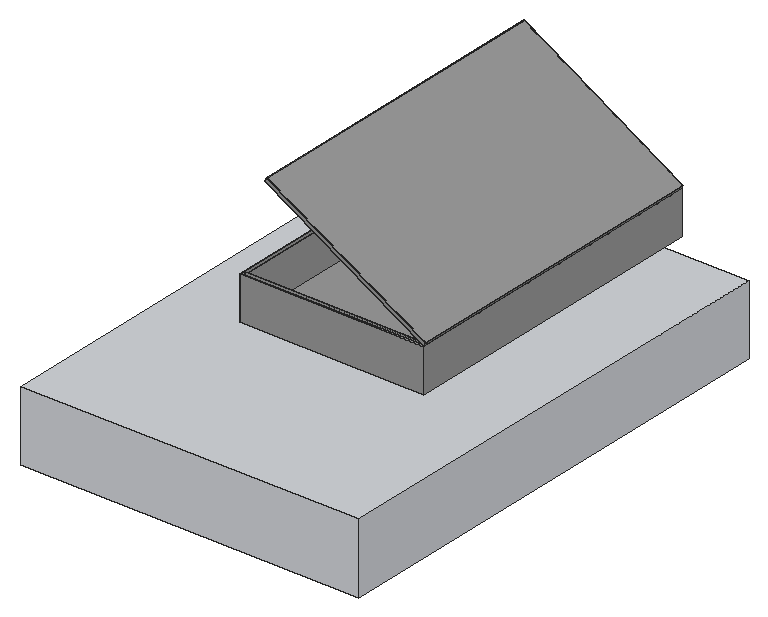
Revit family "Hager-Univers-IP44-D205-H1400-Cl.II-Encl-PL-pl", category Equipement électrique, Revit 2020
Family settings
  Hôte = Face
  Configuration du panneau = Deux colonnes, circuits au sein
  Cote de connecteur circulaire = Utiliser le diamètre
  Type d'élément = Tableau de raccordement
  Couper avec des vides une fois chargée = Non
  Partagée = Non
  Point de calcul de pièce = Non
Parameters (values of type "Montaż natynkowy IP44 S800 W1400 G205  - FP93SN2")
  Width Control [instance] = if([EF000008 - Szerokość] > Min Width, [EF000008 - Szerokość], Min Width)  # 800 mm
  Commentaires du type = [HG000003 - Zakres]  # "Univers"
  Thickness Door [instance] = if([EF009171 - Drzwi/pokrywa z materiału o wysokiej wytrzymałości mechanicznej] > 3 mm, 3 mm, [EF009171 - Drzwi/pokrywa z materiału o wysokiej wytrzymałości mechanicznej])  # 1 mm
  Seal Frame Offset [instance] = 17 mm  # constant formula
  Plinth Visibility [instance] = [HG000027 - Wysokość cokołu] > 0 mm  # no
  Model = ""
  Min Width [instance] = 100 mm  # constant formula
  Min Height [instance] = 100 mm  # constant formula
  Min Depth [instance] = (2 * [EF009170 - Obudowa z materiału o wysokiej wytrzymałości mechanicznej]) + 1 mm  # 3 mm
  Internal Frame Depth [instance] = (Door System Depth * 0.5)  # 9 mm
  Height Control [instance] = if([EF000040 - Wysokość] > Min Height, [EF000040 - Wysokość], Min Height)  # 1400 mm
  HG000027 - Wysokość cokołu = 0 mm
  HG000026 - Stojąca = no
  HG000024 - Wysokość części dolnej = 800 mm
  HG000023 - Obudowa dwusekcyjna = no
  HG000016 - Widoczność drzwi w widoku 3D [instance] = yes
  HG000015 - Przestrzeń robocza - otwarcie drzwi [instance] = no
  HG000014 - Drzwi prawe [instance] = yes
  HG000013 - Drzwi lewe [instance] = not([HG000014 - Drzwi prawe])  # no
  HG000012 - Kąt otwarcia drzwi [instance] = 30.00°
  HG000010 - Drzwi asymetryczne = no
  HG000009 - Drzwi dwuskrzydłowe = no
  HG000006 - Montaż podtynkowy = no
  HG000004 - Referencja producenta = "FP93SN2"
  HG000003 - Zakres = "Univers"
  HG000002 - Z drzwiami lub pokrywą = yes
  Frame Offset Bottom [instance] = 10 mm  # constant formula
  Frame Offset [instance] = 15 mm  # constant formula
  EF015940 - Pokrywa z wyzwalaczem nadciśnieniowym = no
  EF011959 - Stopień ochrony (NEMA) = ""
  EF009554 - Liczba otworów pod flansze = 6
  Fabricant = "Hager"  # constant formula
  EF009212 - Wykonanie pokrywy = "EV000116 - Zamknięty"
  EF009171 - Drzwi/pokrywa z materiału o wysokiej wytrzymałości mechanicznej = 1 mm
  EF009170 - Obudowa z materiału o wysokiej wytrzymałości mechanicznej = 1 mm
  EF008873 - Prąd znamionowy (In) = 250 A
  EF007800 - Do ochrony odgromowej = no
  EF006306 - Z zamkiem = no
  EF006244 - Transparentna pokrywa/drzwi = no
  EF005474 - Stopień ochrony (IP) = "EV006418 - IP44"
  EF004464 - Rodzaj drzwi = "EV002646 - Pojedynczy"
  EF004427 - Liczba modułów = 324
  EF004293 - Odporność udarowa = "EV006815 - IK09"
  EF003532 - Do zastosowań zewnętrznych = no
  EF002950 - Szerokość wyrażona liczbą modułów = 36
  EF001613 - Podtrzymanie funkcji = "EV000494 - Brak"
  EF001596 - Materiał obudowy = "EV000179 - Stal"
  EF001131 - Głębokość wewnętrzna = 143 mm
  EF001088 - Możliwość rozbudowy = yes
  EF000437 - Liczba wejść kablowych = 6
  EF000339 - Rodzaj pokrywy = "EV001012 - Pokrywa"
  EF000266 - Liczba rzędów = 9
  EF000218 - Głębokość wbudowania = 205 mm
  EF000118 - Z płytą montażową = no
  EF000116 - Numer RAL = "9010"
  EF000049 - Głębokość = 205 mm
  EF000040 - Wysokość = 1400 mm
  EF000008 - Szerokość = 800 mm
  EF000007 - Kolor = "EV000202 - Biały"
  EF000003 - Sposób montażu = "EV000384 - Montaż natynkowy"
  Door System Leaf Tolerance [instance] = 1.5 mm  # constant formula
  Door System Depth [instance] = 18 mm  # constant formula
  Door Height [instance] = Height Control - [HG000027 - Wysokość cokołu]  # 1400 mm
  Depth Control [instance] = if([EF000049 - Głębokość] > Min Depth, [EF000049 - Głębokość], Min Depth)  # 205 mm
  Default Elevation = 0 mm
  Connector Offset [instance] = Height Control / 2  # 700 mm
  Bottom Top Plate Trim [instance] = 1.5 mm  # constant formula
  Plinth height Ctrl [instance] = if([HG000027 - Wysokość cokołu] > 0 mm, [HG000027 - Wysokość cokołu], 12 mm)  # 12 mm
Types (5, lengths in mm): name | Width Control | HG000010 - Drzwi asymetryczne | HG000009 - Drzwi dwuskrzydłowe | HG000004 - Referencja producenta | EF009554 - Liczba otworów pod flansze | EF004464 - Rodzaj drzwi | EF004427 - Liczba modułów | EF002950 - Szerokość wyrażona liczbą modułów | EF001131 - Głębokość wewnętrzna | EF000437 - Liczba wejść kablowych | EF000339 - Rodzaj pokrywy | EF000008 - Szerokość
  Montaż natynkowy IP44 S1050 W1400 G205  - FP94SN2 | 1050 | no | yes | "FP94SN2" | 8 | "EV003602 - Podwójny" | 432 | 48 | 143 | 8 | "EV001012 - Pokrywa" | 1050
  Montaż natynkowy IP44 S1300 W1400 G205  - FP95SN2 | 1300 | yes | yes | "FP95SN2" | 10 | "EV003602 - Podwójny" | 540 | 60 | 130 | 10 | "EV004216 - Drzwi" | 1300
  Montaż natynkowy IP44 S300 W1400 G205  - FP91SN2 | 300 | no | no | "FP91SN2" | 2 | "EV002646 - Pojedynczy" | 108 | 12 | 143 | 2 | "EV001012 - Pokrywa" | 300
  Montaż natynkowy IP44 S550 W1400 G205  - FP92SN2 | 550 | no | no | "FP92SN2" | 4 | "EV002646 - Pojedynczy" | 216 | 24 | 143 | 4 | "EV001012 - Pokrywa" | 550
  Montaż natynkowy IP44 S800 W1400 G205  - FP93SN2 | 800 | no | no | "FP93SN2" | 6 | "EV002646 - Pojedynczy" | 324 | 36 | 143 | 6 | "EV001012 - Pokrywa" | 800
Reference planes
  plane 1 "Center (Front/Back)": y = 0
  plane 2: z = 0
  plane 3 "Center (Left/Right)": x = 0
  plane 4: z = 205
  plane 5: y = 1
  plane 6: y = 700
  plane 7: y = 0
  plane 8: y = 1400
  plane 9: z = 0
  plane 10: x = -385
  plane 11: x = 385
  plane 12: x = 384
  plane 13: x = -384
  plane 14: y = 1399
  plane 15: x = -383
  plane 16: x = -400
  plane 17: x = 383
  plane 18: x = 400
  plane 19: x = 399
  plane 20: x = -399
  plane 21: y = 11
  plane 22: y = 1400
  plane 23: y = 1384
  plane 24: z = 187
  plane 25: z = 1
  plane 26: z = 186
  plane 27: z = 204
Forms (mm)
  Extrusion 1, solid
    sketch origin (0, 0, 0) x (1, 0, 0) y (0, 1, 0)
      loop
        line (-702.964, 1305) -> (-702.964, -811.445) -> (766.763, -811.445) -> (766.763, 1305) -> (-702.964, 1305)
    from 0 to -304.8
  Extrusion 2, solid, material "Hager_Steel_RAL7035_Light_Grey", visible <- "Plinth Visibility", detail levels medium+fine
    sketch origin (0, 0, 0) x (1, 0, 0) y (0, 1, 0)
      loop
        line (-400, 0) -> (400, 0) -> (400, 12) -> (-400, 12) -> (-400, 0)
    from 0 to 187
  Extrusion 3, solid, material "Hager_Steel_RAL7035_Light_Grey", detail levels medium+fine
    sketch origin (0, 0, 0) x (1, 0, 0) y (0, 1, 0)
      loop
        line (-400, 0) -> (400, 0) -> (400, 1400) -> (-400, 1400) -> (-400, 0)
    from 0 to 187
  Extrusion 4, void
    sketch origin (0, 0, 0) x (1, 0, 0) y (0, 1, 0)
      loop
        line (-399, 1) -> (399, 1) -> (399, 1399) -> (-399, 1399) -> (-399, 1)
    from 1 to 186
  Extrusion 5, void
    sketch origin (-381.607, -4572, 187) x (0, -1, 0) y (-1, 0, 0)
      loop
        line (-4583, 2.393) -> (-5956, 2.393) -> (-5956, -765.607) -> (-4583, -765.607) -> (-4583, 2.393)
    from 0 to 1 <- "EF009170 - Obudowa z materiału o wysokiej wytrzymałości mechanicznej"
  Extrusion 6, solid, material "Hager_Steel_RAL7035_Light_Grey", detail levels fine
    sketch origin (0, 0, 187) x (1, 0, 0) y (0, 1, 0)
      loop
        line (-384, 1384) -> (-384, 11) -> (384, 11) -> (384, 1384) -> (-384, 1384)
      loop
        line (-385, 10) -> (385, 10) -> (385, 1385) -> (-385, 1385) -> (-385, 10)
    from 0 to 9 <- "Internal Frame Depth"
  Extrusion 7, solid, material "Hager_Steel_RAL7035_Light_Grey", detail levels coarse
    sketch origin (0, 0, 0) x (1, 0, 0) y (0, 1, 0)
      loop
        line (-400, 0) -> (400, 0) -> (400, 1400) -> (-400, 1400) -> (-400, 0)
    from 0 to 205
  Sweep 8, void
    path in 3D
      loop
        line (-400, 12, 0) -> (400, 12, 0) -> (400, 12, 187) -> (-400, 12, 187) -> (-400, 12, 0)
    profile origin (-400, 12, 93.5) x (-1, 0, 0) y (0, -1, 0)
      loop
        line (0, 0) -> (0, 1.5) -> (-1.5, 1.5)
        arc (-1.5, 1.5) -> (-1.061, 0.439) -> (0, 0) r 1.5
Cuts and joins
  Extrusion 4, Extrusion 5 cuts Extrusion 3
  Sweep 8 cuts Extrusion 2
Lines and regions (mm)
  Masking region 1
    outline origin (0, 0, 0) x (1, 0, 0) y (0, 0, 1)
      loop
        line (-400, 205) -> (-400, 0) -> (400, 0) -> (400, 205) -> (-400, 205)
  Masking region 2, detail levels medium+fine
    outline origin (0, 140, 0) x (0, 1, 0) y (0, 0, 1)
      loop
        line (-140, 0) -> (1260, 0) -> (1260, 187) -> (-140, 187) -> (-140, 0)
  Masking region 3, not visible, detail levels medium+fine
    outline origin (0, 297.922, 0) x (0, 1, 0) y (0, 0, 1)
      loop
        line (413.578, 0) -> (453.578, 0) -> (453.578, 194)
        arc (453.578, 194) -> (450.649, 201.071) -> (443.578, 204) r 10
        line (443.578, 204) -> (413.578, 204) -> (413.578, 0)
  Masking region 4, detail levels coarse
    outline origin (0, 0, 180) x (0, 1, 0) y (0, 0, 1)
      loop
        line (0, -180) -> (1400, -180) -> (1400, 25) -> (0, 25) -> (0, -180)
  Masking region 5, visible <- "Plinth Visibility", detail levels medium+fine
    outline origin (0, 52.24, 12.345) x (0, 0, -1) y (0, 1, 0)
      loop
        line (10.845, -40.24) -> (-173.155, -40.24)
        arc (-173.155, -40.24) -> (-173.594, -41.301) -> (-174.655, -41.74) r 1.5
        line (-174.655, -41.74) -> (-174.655, -52.24) -> (12.345, -52.24) -> (12.345, -41.74)
        arc (12.345, -41.74) -> (11.285, -41.301) -> (10.845, -40.24) r 1.5
  Masking region 6, detail levels medium+fine
    outline origin (-381.607, -4572, 187) x (-1, 0, 0) y (0, -1, 0)
      loop
        line (18.393, -5972) -> (18.393, -4572) -> (-781.607, -4572) -> (-781.607, -5972) -> (18.393, -5972)
  Masking region 7, visible <- "Plinth Visibility", detail levels medium+fine
    outline origin (-381.607, -4727, 187) x (-1, 0, 0) y (0, -1, 0)
      loop
        arc (16.893, -4739) -> (17.332, -4737.939) -> (18.393, -4737.5) r 1.5
        line (18.393, -4737.5) -> (18.393, -4727) -> (-781.607, -4727) -> (-781.607, -4737.5)
        arc (-781.607, -4737.5) -> (-780.546, -4737.939) -> (-780.107, -4739) r 1.5
        line (-780.107, -4739) -> (16.893, -4739)
  Masking region 8, detail levels coarse
    outline origin (-442.548, -4669.526, 187) x (-1, 0, 0) y (0, -1, 0)
      loop
        line (-42.548, -6069.526) -> (-42.548, -4669.526) -> (-842.548, -4669.526) -> (-842.548, -6069.526) -> (-42.548, -6069.526)
  sketch lines
    curve 1: line (-400, 12, 187) -> (-400, 12, 0)
    curve 2: line (400, 12, 187) -> (-400, 12, 187)
    curve 3: line (400, 12, 187) -> (400, 12, 0)
    curve 4: line (-400, 12, 0) -> (400, 12, 0)
Dimensions and locks
  "Depth Control": plane 4 to Extrusion 1
  "HG000027 - Wysokość cokołu": plane 1 "Center (Front/Back)" to plane 7
  "EF009170 - Obudowa z materiału o wysokiej wytrzymałości mechanicznej": plane 5 to plane 7
  locked: connector elem to plane 3 "Center (Left/Right)"
  equal spacing: plane 8, plane 6, plane 7
  locked: connector elem to plane 6
  "EF009170 - Obudowa z materiału o wysokiej wytrzymałości mechanicznej": plane 8 to plane 14
  "EF009170 - Obudowa z materiału o wysokiej wytrzymałości mechanicznej": plane 10 to plane 13
  "EF009170 - Obudowa z materiału o wysokiej wytrzymałości mechanicznej": plane 12 to plane 11
  "Frame Offset": plane 20 to plane 13
  "Frame Offset": plane 12 to plane 19
  "EF009170 - Obudowa z materiału o wysokiej wytrzymałości mechanicznej": plane 16 to plane 20
  "EF009170 - Obudowa z materiału o wysokiej wytrzymałości mechanicznej": plane 19 to plane 18
  "Seal Frame Offset": plane 16 to plane 15
  "Seal Frame Offset": plane 17 to plane 18
  "Frame Offset Bottom": plane 21 to plane 5
  "Frame Offset": plane 14 to plane 23
  equal spacing: plane 16, plane 3 "Center (Left/Right)", plane 18
  "Width Control": plane 16 to plane 18
  "EF009170 - Obudowa z materiału o wysokiej wytrzymałości mechanicznej": plane 4 to plane 27
  "EF009170 - Obudowa z materiału o wysokiej wytrzymałości mechanicznej": plane 24 to plane 26
  "EF009170 - Obudowa z materiału o wysokiej wytrzymałości mechanicznej": plane 25 to level
  "Door System Depth": plane 4 to plane 24
  "Height Control": plane 1 "Center (Front/Back)" to Extrusion 7 sketch curve
  "Height Control": Masking region 4 sketch curve to plane 1 "Center (Front/Back)"
  "Height Control": plane 1 "Center (Front/Back)" to plane 22
  "Bottom Top Plate Trim": profile plane to Sweep 8 sketch curve
  "Bottom Top Plate Trim": Sweep 8 sketch curve to profile plane
  "Plinth height Ctrl": plane 1 "Center (Front/Back)" to Extrusion 2 sketch curve
  "Plinth height Ctrl": Masking region 5 sketch curve to plane 1 "Center (Front/Back)"
  "Plinth height Ctrl": plane 1 "Center (Front/Back)" to Masking region 7 sketch curve
  "Thickness Door": Extrusion 6 sketch curve to Extrusion 6 sketch curve  (x3)
  "Thickness Door": cut or joined group of Extrusion 3, Extrusion 4, Extrusion 5 to Extrusion 6 sketch curve
  radius of Masking region 3 sketch curve = 10 mm
  "Bottom Top Plate Trim": radius of Masking region 5 sketch curve  (x2)
  "Bottom Top Plate Trim": radius of Sweep 8 sketch curve
  "Bottom Top Plate Trim": radius of Masking region 7 sketch curve  (x2)
  aligned and locked: plane 2 to Extrusion 1
  aligned and locked: level to Extrusion 1
  aligned and locked: level to Masking region 1 sketch curve
  aligned and locked: Masking region 1 sketch curve to plane 18
  aligned and locked: Masking region 1 sketch curve to plane 16
  aligned and locked: plane 7 to Masking region 2 sketch curve
  aligned and locked: level to Masking region 3 sketch curve
  aligned and locked: Masking region 3 sketch curve to plane 27
  aligned and locked: level to Masking region 2 sketch curve
  aligned and locked: plane 1 "Center (Front/Back)" to Extrusion 2 sketch curve
  aligned and locked: Extrusion 3 sketch curve to plane 7
  aligned and locked: plane 16 to Extrusion 3 sketch curve
  aligned and locked: plane 18 to Extrusion 3 sketch curve
  aligned and locked: plane 20 to Extrusion 4 sketch curve
  aligned and locked: plane 19 to Extrusion 4 sketch curve
  aligned and locked: Extrusion 4 sketch curve to plane 5
  aligned and locked: Extrusion 4 to plane 25
  aligned and locked: plane 26 to Extrusion 4
  aligned and locked: plane 24 to Extrusion 3
  aligned and locked: Extrusion 5 sketch curve to plane 21
  aligned and locked: Extrusion 5 sketch curve to plane 13
  aligned and locked: Extrusion 5 sketch curve to plane 12
  aligned and locked: plane 18 to Extrusion 7 sketch curve
  aligned and locked: plane 1 "Center (Front/Back)" to Extrusion 7 sketch curve
  aligned and locked: plane 16 to Extrusion 7 sketch curve
  aligned and locked: plane 4 to Extrusion 7
  aligned and locked: Extrusion 7 to level
  aligned and locked: level to Masking region 4 sketch curve
  aligned and locked: Masking region 4 sketch curve to plane 1 "Center (Front/Back)"
  aligned and locked: Masking region 4 sketch curve to plane 4
  aligned and locked: nested 1 to level
  aligned and locked: nested 1 to plane 16
  aligned and locked: plane 8 to Extrusion 3 sketch curve
  aligned and locked: plane 23 to Extrusion 5 sketch curve
  aligned and locked: plane 14 to Extrusion 4 sketch curve
  aligned and locked: Masking region 2 sketch curve to plane 8
  aligned and locked: level to Masking region 5 sketch curve
  aligned and locked: plane 16 to Extrusion 2 sketch curve
  aligned and locked: plane 18 to Extrusion 2 sketch curve
  aligned and locked: Masking region 5 sketch curve to plane 24
  aligned and locked: Masking region 2 sketch curve to plane 24
  aligned and locked: plane 24 to Extrusion 2
  aligned and locked: profile plane to Sweep 8 sketch curve  (x2)
  aligned and locked: Masking region 6 sketch curve to plane 18
  aligned and locked: Masking region 6 sketch curve to plane 22
  aligned and locked: Masking region 6 sketch curve to plane 16
  aligned and locked: plane 8 to plane 22
  aligned and locked: Masking region 6 sketch curve to plane 7
  aligned and locked: Masking region 7 sketch curve to plane 16
  aligned and locked: Masking region 7 sketch curve to plane 1 "Center (Front/Back)"
  aligned and locked: Masking region 7 sketch curve to plane 18
  aligned and locked: Masking region 8 sketch curve to plane 1 "Center (Front/Back)"
  aligned and locked: Masking region 8 sketch curve to plane 18
  aligned and locked: Masking region 8 sketch curve to plane 22
  aligned and locked: Masking region 8 sketch curve to plane 16
  aligned and locked: nested 2 to plane 7
  aligned and locked: plane 3 "Center (Left/Right)" to nested 2
  aligned and locked: nested 2 to plane 24
  aligned and locked: Extrusion 6 sketch curve to cut or joined group of Extrusion 3, Extrusion 4, Extrusion 5  (x4)
Automatic sketch dimensions
  Extrusion 1 sketch curve to Extrusion 1 sketch curve = 1469.727 mm
  Extrusion 1 sketch curve to Extrusion 1 sketch curve = 2116.445 mm
  Masking region 1 sketch curve to plane 4 = 0 mm
  plane 6 to Masking region 3 sketch curve = 11.5 mm
  Masking region 3 sketch curve to Masking region 3 sketch curve = 30 mm
  Masking region 5 sketch curve to plane 1 "Center (Front/Back)" = 0 mm
Nested families
  nested 1: "Hager_Enclosure_Symbol" at (-400, 0, 0) x (1, 0, 0) z (0, -1, 0), Height <- "Depth Control", Width <- "Width Control", type "Hager_Enclosure_Symbol"
    with Width_Ctrl 800 mm, Width 800 mm, Height_Ctrl 205 mm, Height 205 mm, A_Width_Int 13.453 mm, A_Width 161.438 mm, A_Height_Ctrl 179.375 mm, A_Height 179.375 mm
  nested 2: "EC000058_Univers_Door" at (0, 0, 187) x (1, 0, 0) z (0, 1, 0), Leaf_Tolerance <- "Door System Leaf Tolerance", Angle <- "HG000012 - Kąt otwarcia drzwi", Door_Depth <- "Door System Depth", Door_Left <- "HG000013 - Drzwi lewe", Transparent <- "EF006244 - Transparentna pokrywa/drzwi", Assymetrical <- "HG000010 - Drzwi asymetryczne", Width <- "Width Control", Clearance <- "HG000015 - Przestrzeń robocza - otwarcie drzwi", Double <- "HG000009 - Drzwi dwuskrzydłowe", 3d_Door <- "HG000016 - Widoczność drzwi w widoku 3D", Lock_Visibility <- "EF006306 - Z zamkiem", Width_Ctrl <- "Width Control", Door_Right <- "HG000014 - Drzwi prawe", Door <- "HG000002 - Z drzwiami lub pokrywą", Height <- "Door Height", Thickness <- "Thickness Door", type "EC000058_Univers_Door", detail levels medium+fine
    with min_wh 3 mm, Width_Ctrl 800 mm, Width 800 mm, Transparent no, Thickness 1 mm, Seal_Material Hager_Rubber, Lock_Visibility no, Lock_Material Hager_Plastic_RAL9005_Jet_Black, Leaf_Width 800 mm, Leaf_Tolerance_External_Sides 0 mm, Leaf_Tolerance 1.5 mm, Leaf_Offset 0 mm, Leaf_Height 1397 mm, Leaf_2_Width 800 mm, Leaf_2_Offset 400 mm, Leaf_1_Width 800 mm, Leaf_1_Offset 400 mm, Height_Ctrl 1400 mm, Height 1400 mm, Glass_Material Hager_Glass, Double_Clearance_Ctrl no, Double no, Door_Right_Ctrl yes, Door_Right yes, Door_Material Hager_Steel_RAL7035_Light_Grey, Door_Left_Ctrl no, Door_Left no, Door_Depth 18 mm, Door yes, Clearance_Material Hager_Clearance, Clearance_Depth 800 mm, Clearance_Ctrl no, Clearance no, Assymetrical no, Angle 30.00°, 3d_Door yes
Connectors
  electrical at (0, 700, 0)
    settings: on plane 9, index 1, voltage 0 V, apparent load 0 VA, apparent load phase1 0 VA, apparent load phase2 0 VA, apparent load phase3 0 VA, power factor 1, load classification "Other", number of poles 1, system type 30, power factor state 1, is connector primary yes, connector utility no, sub classification motor no, connector description ""
Definition of nested family "EC000058_Univers_Door"
  Parameters (values of type "EC000058_Univers_Door")
    min_wh [instance] = (2 * Thickness) + 1 mm  # 11 mm
    Width_Ctrl [instance] = 400 mm
    Width [instance] = 500 mm
    Transparent [instance] = yes
    Thickness [instance] = 5 mm
    Seal_Material [instance] = none
    Lock_Visibility [instance] = yes
    Lock_Material [instance] = none
    Leaf_Width [instance] = if((Width_Ctrl - 2 * Leaf_Tolerance_External_Sides) > 0 mm, (Width_Ctrl - 2 * Leaf_Tolerance_External_Sides), min_wh)  # 400 mm
    Leaf_Tolerance_External_Sides [instance] = 0 mm  # constant formula
    Leaf_Tolerance [instance] = 1.5 mm
    Leaf_Offset [instance] = 0 mm  # constant formula
    Leaf_Height [instance] = if((Height_Ctrl - 2 * Leaf_Tolerance) > 0 mm, (Height_Ctrl - 2 * Leaf_Tolerance), min_wh)  # 497 mm
    Leaf_2_Width [instance] = if(and(and(Double, Assymetrical), Door_Left), (Leaf_Width / 3) - (Leaf_Tolerance / 2), if(and(and(Double, Assymetrical), Door_Right), (Leaf_Width / 3) * 2 - (Leaf_Tolerance / 2), if(and(Double, not(Assymetrical)), (Leaf_Width / 2) - Leaf_Tolerance, Leaf_Width)))  # 400 mm
    Leaf_2_Offset [instance] = if(and(Double, Assymetrical), Leaf_2_Width / 2, if(and(Double, not(Assymetrical)), Leaf_Width / 4, Leaf_Width / 2))  # 200 mm
    Leaf_1_Width [instance] = if(and(and(Double, Assymetrical), Door_Right), (Leaf_Width / 3) - (Leaf_Tolerance / 2), if(and(and(Double, Assymetrical), Door_Left), (Width / 3) * 2 - (Leaf_Tolerance / 2), if(and(Double, not(Assymetrical)), (Leaf_Width / 2) - Leaf_Tolerance, Leaf_Width)))  # 400 mm
    Leaf_1_Offset [instance] = if(and(Double, Assymetrical), Leaf_1_Width / 2, if(and(Double, not(Assymetrical)), Leaf_Width / 4, Leaf_Width / 2))  # 200 mm
    Height_Ctrl [instance] = if(Height > min_wh, Height, min_wh)  # 500 mm
    Height [instance] = 500 mm
    Glass_Material [instance] = none
    Double_Clearance_Ctrl [instance] = and(Double, Clearance)  # no
    Double [instance] = no
    Door_Right_Ctrl [instance] = and(or(Door_Right, Double), Door)  # yes
    Door_Right [instance] = yes
    Door_Material [instance] = none
    Door_Left_Ctrl [instance] = and(or(Door_Left, Double), Door)  # no
    Door_Left [instance] = no
    Door_Depth [instance] = 30 mm
    Door [instance] = yes
    Default Elevation = 1219.2 mm
    Clearance_Material [instance] = none
    Clearance_Depth [instance] = if(Leaf_1_Width > Leaf_2_Width, Leaf_1_Width, Leaf_2_Width)  # 400 mm
    Clearance_Ctrl [instance] = and(not(Double), Clearance)  # yes
    Clearance [instance] = yes
    Assymetrical [instance] = yes
    Angle [instance] = 30.00°
    3d_Door [instance] = yes
  Reference planes
    plane 1 "Center (Front/Back)": y = 0
    plane 2 "Bottom": z = 0
    plane 3 "Center (Left/Right)": x = 0
    plane 4: z = 500
    plane 5: x = -200
    plane 6: x = 200
    plane 7: z = 500
    plane 8: x = -200
    plane 9: z = 0
    plane 10: x = 200
    plane 11: y = 0
    plane 12: z = 1.5
    plane 13: x = -600
    plane 14: y = -400
    plane 15: x = 600
    plane 16: x = 0
    plane 17: x = 0
    plane 18: x = -200
    plane 19: x = 200
    plane 20: z = 498.5
  Forms (mm)
    Extrusion 1, solid, material <- "Clearance_Material", visible <- "Double_Clearance_Ctrl"
      sketch origin (1200, 0, 0) x (1, 0, 0) y (0, 0, -1)
        loop
          line (-1800, -498.5) -> (-600, -498.5) -> (-600, 0) -> (-1800, 0) -> (-1800, -498.5)
      from 0 to -400
  Dimensions and locks
    equal spacing: plane 5, plane 3 "Center (Left/Right)", plane 6
    "Width_Ctrl": plane 5 to plane 6
    "Leaf_Offset": plane 5 to plane 8
    "Leaf_Offset": plane 6 to plane 10
    "Leaf_Offset": plane 9 to level
    "Leaf_Offset": plane 4 to plane 7
    "Height_Ctrl": plane 4 to level
    "Leaf_Tolerance": plane 12 to plane 9
    locked: plane 11 to plane 1 "Center (Front/Back)"
    "Leaf_1_Offset": plane 18 to plane 16
    "Leaf_2_Offset": plane 17 to plane 19
    "Leaf_1_Width": plane 13 to plane 8
    "Leaf_2_Width": plane 10 to plane 15
    "Clearance_Depth": plane 14 to plane 1 "Center (Front/Back)"
    "Leaf_Tolerance_External_Sides": plane 8 to plane 18
    "Leaf_Tolerance_External_Sides": plane 19 to plane 10
    "Leaf_Tolerance": plane 7 to plane 20
    aligned and locked: level to plane 2 "Bottom"
    aligned and locked: nested 1 to plane 16
    aligned and locked: nested 2 to plane 17
    aligned and locked: Extrusion 1 to plane 13
    aligned and locked: plane 15 to Extrusion 1
    aligned and locked: Extrusion 1 to plane 14
    aligned and locked: plane 12 to nested 1
    aligned and locked: nested 2 to plane 12
    aligned and locked: Extrusion 1 to plane 11
    aligned and locked: plane 20 to Extrusion 1
    aligned and locked: nested 2 to plane 11
    aligned and locked: nested 1 to plane 11
  Automatic sketch dimensions
    Extrusion 1 sketch curve to level = 0 mm
    plane 5 to Extrusion 1 sketch curve = 400 mm
    plane 6 to Extrusion 1 sketch curve = 400 mm
    Extrusion 1 sketch curve to plane 4 = 1.5 mm
  Nested families
    nested 1: "EC000058_Univers_Door_Leaf" at (0, 0, 1.5), Width <- "Leaf_1_Width", visible <- "Door_Left_Ctrl", Leaf_Height <- "Leaf_Height", Angle <- "Angle", 3d_Door <- "3d_Door", Transparent <- "Transparent", Clearance Material <- "Clearance_Material", Clearance <- "Clearance_Ctrl", Door_Material <- "Door_Material", Glass_Material <- "Glass_Material", Door_Depth <- "Door_Depth", Lock_Material <- "Lock_Material", Seal_Material <- "Seal_Material", Lock_Visibility <- "Lock_Visibility", Thickness <- "Thickness", type "EC000058_Univers_Door_Leaf"
      with Width 400 mm, Transparent_Glass_Offset 30 mm, Transparent_Ctrl yes, Transparent yes, Thickness 5 mm, Standard no, Seal_Material none, Seal_D2 8 mm, Seal_D1 1 mm, Offset_Internal_Frame 10 mm, Lock_Width 20 mm, Lock_Visibility_3d yes, Lock_Visibility yes, Lock_Thickness_3 3 mm, Lock_Thickness_2 1 mm, Lock_Thickness_1 3 mm, Lock_Radius_Offset_2 16 mm, Lock_Radius_Offset_1 15 mm, Lock_Radius_2 5 mm, Lock_Radius 6 mm, Lock_Offset 5 mm, Lock_Material none, Lock_Height 80 mm, Lock_Cover_Top_Offset_2d 17 mm, Lock_Cover_Height -65 mm, Leaf_Height 497 mm, Internal_Seal_Thickness 8 mm, Internal_Seal_Depth_2 4.5 mm, Internal_Frame_Depth 25 mm, Glass_Thickness -1 mm, Glass_Offset -2 mm, Glass_Material none, Door_Material none, Door_Depth 30 mm, Clearance Material none, Clearance yes, Angle_Ctrl 30.00°, Angle 30.00°, 3d_Door yes
    nested 2: "EC000058_Univers_Door_Leaf" at (0, 0, 1.5) x (-1, 0, 0) z (0, 0, 1), Width <- "Leaf_2_Width", visible <- "Door_Right_Ctrl", Leaf_Height <- "Leaf_Height", Angle <- "Angle", 3d_Door <- "3d_Door", Transparent <- "Transparent", Clearance Material <- "Clearance_Material", Clearance <- "Clearance_Ctrl", Door_Material <- "Door_Material", Glass_Material <- "Glass_Material", Door_Depth <- "Door_Depth", Lock_Material <- "Lock_Material", Seal_Material <- "Seal_Material", Lock_Visibility <- "Lock_Visibility", Thickness <- "Thickness", type "EC000058_Univers_Door_Leaf"
      with Width 400 mm, Transparent_Glass_Offset 30 mm, Transparent_Ctrl yes, Transparent yes, Thickness 5 mm, Standard no, Seal_Material none, Seal_D2 8 mm, Seal_D1 1 mm, Offset_Internal_Frame 10 mm, Lock_Width 20 mm, Lock_Visibility_3d yes, Lock_Visibility yes, Lock_Thickness_3 3 mm, Lock_Thickness_2 1 mm, Lock_Thickness_1 3 mm, Lock_Radius_Offset_2 16 mm, Lock_Radius_Offset_1 15 mm, Lock_Radius_2 5 mm, Lock_Radius 6 mm, Lock_Offset 5 mm, Lock_Material none, Lock_Height 80 mm, Lock_Cover_Top_Offset_2d 17 mm, Lock_Cover_Height -65 mm, Leaf_Height 497 mm, Internal_Seal_Thickness 8 mm, Internal_Seal_Depth_2 4.5 mm, Internal_Frame_Depth 25 mm, Glass_Thickness -1 mm, Glass_Offset -2 mm, Glass_Material none, Door_Material none, Door_Depth 30 mm, Clearance Material none, Clearance yes, Angle_Ctrl 30.00°, Angle 30.00°, 3d_Door yes
  Definition of nested family "EC000058_Univers_Door_Leaf"
    Parameters (values of type "EC000058_Univers_Door_Leaf")
      Width [instance] = 2000 mm
      Transparent_Glass_Offset [instance] = 30 mm
      Transparent_Ctrl [instance] = and(Transparent, [3d_Door])  # yes
      Transparent [instance] = yes
      Thickness [instance] = 5 mm
      Standard [instance] = and(not(Transparent), [3d_Door])  # no
      Seal_Material [instance] = none
      Seal_D2 [instance] = 8 mm  # constant formula
      Seal_D1 [instance] = 1 mm  # constant formula
      Offset_Internal_Frame [instance] = 10 mm  # constant formula
      Lock_Width [instance] = 20 mm  # constant formula
      Lock_Visibility_3d [instance] = and(Lock_Visibility, [3d_Door])  # yes
      Lock_Visibility [instance] = yes
      Lock_Thickness_3 [instance] = 3 mm  # constant formula
      Lock_Thickness_2 [instance] = 1 mm  # constant formula
      Lock_Thickness_1 [instance] = 3 mm  # constant formula
      Lock_Radius_Offset_2 [instance] = Lock_Radius_Offset_1 + 1 mm  # 16 mm
      Lock_Radius_Offset_1 [instance] = 15 mm  # constant formula
      Lock_Radius_2 [instance] = Lock_Radius - 1 mm  # 5 mm
      Lock_Radius [instance] = 6 mm  # constant formula
      Lock_Offset [instance] = 5 mm  # constant formula
      Lock_Material [instance] = none
      Lock_Height [instance] = 80 mm  # constant formula
      Lock_Cover_Top_Offset_2d [instance] = Lock_Radius_Offset_2 + 1 mm  # 17 mm
      Lock_Cover_Height [instance] = -(Lock_Height - Lock_Radius_Offset_1)  # -65 mm
      Leaf_Height [instance] = 2720.336 mm
      Internal_Seal_Thickness [instance] = 8 mm  # constant formula
      Internal_Seal_Depth_2 [instance] = 4.5 mm  # constant formula
      Internal_Frame_Depth [instance] = if(Door_Depth - Thickness > 5 mm, Door_Depth - Thickness, 5 mm)  # 25 mm
      Glass_Thickness [instance] = if(Thickness > 15 mm, Glass_Offset + 10 mm, -1 mm)  # -1 mm
      Glass_Offset [instance] = if(Thickness > 15 mm, -(Thickness + 10 mm) / 2, -2 mm)  # -2 mm
      Glass_Material [instance] = none
      Door_Material [instance] = none
      Door_Depth [instance] = 30 mm
      Default Elevation = 0 mm
      Clearance Material [instance] = none
      Clearance [instance] = yes
      Angle_Ctrl [instance] = if(Angle > 180.00°, 180.00°, Angle)  # 90.00°
      Angle [instance] = 90.00°
      3d_Door [instance] = yes
    Reference planes
      plane 1 "Center (Front/Back)": y = 0
      plane 2: z = 0
      plane 3 "Center (Left/Right)": x = 0
      plane 4: y = 2000
      plane 5: x = -1000
      plane 6: x = 1000
      plane 7: x = -3000
      plane 8: z = 2720.336
      plane 9: z = 30
      plane 10: z = 2690.336
      plane 11: x = 970
      plane 12: x = -970
      plane 13: y = -3
      plane 14: z = 107.833
      plane 15: y = -5
      plane 16: y = -223.314
      plane 17: x = -1000
      plane 18: z = 1360.168
      plane 19: y = 30
    Forms (mm)
      Extrusion 1, solid, material <- "Clearance Material", visible <- "Clearance"
        sketch origin (0, 0, 0) x (1, 0, 0) y (0, 0, 1)
          loop
            line (-3000, 2720.336) -> (-3000, 0) -> (1000, 0) -> (1000, 2720.336) -> (-3000, 2720.336)
        from 0 to -2000
      Extrusion 2, solid, material <- "Door_Material", visible <- "Standard", detail levels medium+fine
        sketch origin (-1000, 0, 0) x (0, 1, 0) y (-1, 0, 0)
          loop
            line (0, 30) -> (0, 25) -> (2000, 25) -> (2000, 30) -> (0, 30)
        from 0 to 2720.336 <- "Leaf_Height"
      Extrusion 3, solid, material <- "Door_Material", visible <- "Transparent_Ctrl", detail levels medium+fine
        sketch origin (-1000, 0, 0) x (0, 1, 0) y (-1, 0, 0)
          loop
            line (0, 25) -> (2000, 25) -> (2000, 30) -> (0, 30) -> (0, 25)
        from 0 to 2720.336 <- "Leaf_Height"
      Extrusion 4, void
        sketch origin (-1025, 2000, 0) x (0, 1, 0) y (0, 0, -1)
          loop
            line (-30, -2690.336) -> (-30, -30) -> (-1970, -30) -> (-1970, -2690.336) -> (-30, -2690.336)
        from 0 to 5 <- "Thickness"
      Sweep 5, solid, material <- "Seal_Material", visible <- "Transparent_Ctrl", detail levels fine
        path in 3D
          loop
            line (-1025, 30, 30) -> (-1025, 30, 2690.336) -> (-1025, 1970, 2690.336) -> (-1025, 1970, 30) -> (-1025, 30, 30)
        profile origin (-1025, 1000, 30) x (1, 0, 0) y (0, 0, 1)
          loop
            line (0, 0) -> (0, -8) -> (1, -8) -> (1, 0) -> (0, 0)
      Extrusion 6, solid, material <- "Glass_Material", visible <- "Transparent_Ctrl", detail levels medium+fine
        sketch origin (-1030, 0, 0) x (0, 1, 0) y (0, 0, -1)
          loop
            line (1970, -2690.336) -> (1970, -30) -> (30, -30) -> (30, -2690.336) -> (1970, -2690.336)
        from -2 <- "Glass_Offset" to -1 <- "Glass_Thickness"
      Extrusion 7, solid, material <- "Door_Material", visible <- "3d_Door", detail levels medium+fine
        sketch origin (-1025, 2000, 0) x (0, -1, 0) y (0, 0, -1)
          loop
            line (0, -2720.336) -> (2000, -2720.336) -> (2000, 0) -> (0, 0) -> (0, -2720.336)
          loop
            line (1995, -5) -> (5, -5) -> (5, -2715.336) -> (1995, -2715.336) -> (1995, -5)
        from 0 to 25 <- "Internal_Frame_Depth"
      Sweep 8, solid, material <- "Seal_Material", visible <- "Transparent_Ctrl", detail levels fine
        path in 3D
          loop
            line (-1025, 0, 0) -> (-1025, 2000, 0) -> (-1025, 2000, 2720.336) -> (-1025, 0, 2720.336) -> (-1025, 0, 0)
        profile origin (-1025, 0, 1360.168) x (1, 0, 0) y (0, 1, 0)
          loop
            line (0, 10) -> (2.975, 10)
            arc (2.975, 10) -> (4.053, 10.447) -> (4.5, 11.525) r 1.525
            line (4.5, 11.525) -> (4.5, 16.527)
            arc (4.5, 16.527) -> (4.069, 17.569) -> (3.027, 18) r 1.473
            line (3.027, 18) -> (0, 18) -> (0, 10)
      Extrusion 9, solid, material <- "Lock_Material", visible <- "Lock_Visibility_3d", detail levels fine
        sketch origin (-1030, 0, 0) x (0, 1, 0) y (0, 0, -1)
          loop
            arc (1993.5, -1400.168) -> (1994.561, -1399.729) -> (1995, -1398.668) r 1.5
            line (1995, -1398.668) -> (1995, -1320.168) -> (1975, -1320.168) -> (1975, -1398.668)
            arc (1975, -1398.668) -> (1975.439, -1399.729) -> (1976.5, -1400.168) r 1.5
            line (1976.5, -1400.168) -> (1993.5, -1400.168)
        from 3 <- "Lock_Thickness_1" to 0
      Blend 10, solid, material <- "Lock_Material", visible <- "Lock_Visibility_3d", detail levels fine
        base sketch origin (-1033, 0, 0) x (0, 1, 0) y (0, 0, -1)
          loop
            line (1975, -1320.168) -> (1975, -1398.668)
            arc (1975, -1398.668) -> (1975.439, -1399.729) -> (1976.5, -1400.168) r 1.5
            line (1976.5, -1400.168) -> (1993.5, -1400.168)
            arc (1993.5, -1400.168) -> (1994.561, -1399.729) -> (1995, -1398.668) r 1.5
            line (1995, -1398.668) -> (1995, -1320.168) -> (1975, -1320.168)
        top sketch origin (-1033, 0, 0) x (0, 1, 0) y (0, 0, -1)
          loop
            line (1976, -1320.168) -> (1976, -1398.668)
            arc (1976, -1398.668) -> (1976.146, -1399.022) -> (1976.5, -1399.168) r 0.5
            line (1976.5, -1399.168) -> (1993.5, -1399.168)
            arc (1993.5, -1399.168) -> (1993.854, -1399.022) -> (1994, -1398.668) r 0.5
            line (1994, -1398.668) -> (1994, -1320.168) -> (1976, -1320.168)
        from 0 to 1 <- "Lock_Thickness_2"
      Blend 11, solid, material <- "Lock_Material", visible <- "Lock_Visibility_3d", detail levels fine
        base sketch origin (-1034, 0, 0) x (0, 1, 0) y (0, 0, -1)
          loop
            line (1978, -1320.168) -> (1978, -1384.168)
            arc (1978, -1384.168) -> (1985, -1391.168) -> (1992, -1384.168) r 7
            line (1992, -1384.168) -> (1992, -1320.168) -> (1978, -1320.168)
        top sketch origin (-1034, 0, 0) x (0, 1, 0) y (0, 0, -1)
          loop
            line (1991, -1320.168) -> (1979, -1320.168) -> (1979, -1383.168)
            arc (1979, -1383.168) -> (1985, -1389.168) -> (1991, -1383.168) r 6
            line (1991, -1383.168) -> (1991, -1320.168)
        from 0 to 3 <- "Lock_Thickness_3"
      Extrusion 12, solid, material <- "Lock_Material", visible <- "Lock_Visibility_3d", detail levels fine
        sketch origin (-1030, 1975, 1320.168) x (1, 0, 0) y (0, -1, 0)
          loop
            line (-7, -19) -> (-7, -1) -> (0, -1) -> (0, 0) -> (-8, 0) -> (-8, -20) -> (0, -20) -> (0, -19) -> (-7, -19)
        from 0 to -65 <- "Lock_Cover_Height"
      Extrusion 13, void
        sketch origin (-1038, 1995, 1320.168) x (-1, 0, 0) y (0, 0, -1)
          loop
            line (-5, -65) -> (0, -65) -> (-5, -60) -> (-5, -65)
        from 0 to 20 <- "Lock_Width"
      Extrusion 14, void
        sketch origin (-1038, 1975, 1320.168) x (0, -1, 0) y (0, 0, -1)
          loop
            circle (-10, -15.995) r 6
          loop
            circle (-10, -15.995) r 5
        from 0 to 2
      Extrusion 15, solid, material <- "Lock_Material", visible <- "Lock_Visibility_3d", detail levels medium
        sketch origin (-1030, 0, 0) x (0, 1, 0) y (0, 0, -1)
          loop
            arc (1993.5, -1400.168) -> (1994.561, -1399.729) -> (1995, -1398.668) r 1.5
            line (1995, -1398.668) -> (1995, -1320.168) -> (1975, -1320.168) -> (1975, -1398.668)
            arc (1975, -1398.668) -> (1975.439, -1399.729) -> (1976.5, -1400.168) r 1.5
            line (1976.5, -1400.168) -> (1993.5, -1400.168)
        from 8 to 0
    Cuts and joins
      Extrusion 4 cuts Extrusion 3
      Extrusion 13, Extrusion 14 cuts Extrusion 9
      Extrusion 14 cuts Blend 11
      Extrusion 13, Extrusion 14 cuts Extrusion 12
      joined: Extrusion 9, Blend 10, Blend 11, Extrusion 12
      Extrusion 14 cuts Extrusion 15
    Lines and regions (mm)
      Masking region 1, visible <- "Lock_Visibility", detail levels fine
        outline origin (0, 0, 0) x (0, 1, 0) y (0, 0, 1)
          loop
            line (30, 1320.168) -> (33, 1320.168) -> (33, 1400.168) -> (30, 1400.168) -> (30, 1320.168)
      Masking region 2, visible <- "Lock_Visibility", detail levels fine
        outline origin (0, 3.143, 0) x (0, 1, 0) y (0, 0, 1)
          loop
            line (29.857, 1354.168) -> (30.857, 1354.168) -> (30.857, 1366.168) -> (29.857, 1366.168) -> (29.857, 1354.168)
      Masking region 3, detail levels medium+fine
        outline origin (0, 0, 0) x (0, 1, 0) y (0, 0, 1)
          loop
            line (0, 0) -> (30, 0) -> (30, 2720.336) -> (0, 2720.336) -> (0, 0)
      Masking region 4, detail levels medium+fine
        outline origin (0, 0, 0) x (1, 0, 0) y (0, 0, 1)
          loop
            line (-1000, 2720.336) -> (-1000, 0) -> (1000, 0) -> (1000, 2720.336) -> (-1000, 2720.336)
      Masking region 5, visible <- "Lock_Visibility", detail levels fine
        outline origin (-47.116, 0, 0) x (1, 0, 0) y (0, 0, 1)
          loop
            arc (1024.616, 1399.168) -> (1023.556, 1398.729) -> (1023.116, 1397.668) r 1.5
            line (1023.116, 1397.668) -> (1023.116, 1320.168) -> (1041.116, 1320.168) -> (1041.116, 1397.668)
            arc (1041.116, 1397.668) -> (1040.677, 1398.729) -> (1039.616, 1399.168) r 1.5
            line (1039.616, 1399.168) -> (1024.616, 1399.168)
      Masking region 6, visible <- "Lock_Visibility", detail levels medium+fine
        outline origin (-25, 0, 0) x (1, 0, 0) y (0, 0, 1)
          loop
            arc (1001.5, 1400.168) -> (1000.439, 1399.729) -> (1000, 1398.668) r 1.5
            line (1000, 1398.668) -> (1000, 1320.168) -> (1020, 1320.168) -> (1020, 1398.668)
            arc (1020, 1398.668) -> (1019.561, 1399.729) -> (1018.5, 1400.168) r 1.5
            line (1018.5, 1400.168) -> (1001.5, 1400.168)
      Masking region 7, visible <- "Lock_Visibility", detail levels fine
        outline origin (-73.735, 0, 0) x (1, 0, 0) y (0, 0, 1)
          loop
            line (1051.735, 1382.168) -> (1065.735, 1382.168) -> (1065.735, 1384.168)
            arc (1065.735, 1384.168) -> (1058.735, 1391.168) -> (1051.735, 1384.168) r 7
            line (1051.735, 1384.168) -> (1051.735, 1382.168)
      Masking region 8, visible <- "Lock_Visibility", detail levels fine
        outline origin (-73.735, 0, 0) x (1, 0, 0) y (0, 0, 1)
          loop
            line (1052.735, 1382.168) -> (1064.735, 1382.168) -> (1064.735, 1383.168)
            arc (1064.735, 1383.168) -> (1058.735, 1389.168) -> (1052.735, 1383.168) r 6
            line (1052.735, 1383.168) -> (1052.735, 1382.168)
      Masking region 9, visible <- "Lock_Visibility", detail levels fine
        outline origin (-25, 0, 0) x (1, 0, 0) y (0, 0, 1)
          loop
            line (1020, 1320.168) -> (1020, 1382.168) -> (1000, 1382.168) -> (1000, 1320.168) -> (1020, 1320.168)
      Masking region 10, detail levels medium+fine
        outline origin (0, 0, 0) x (1, 0, 0) y (0, 0, 1)
          loop
            circle (985, 1335.144) r 6
      Masking region 11, detail levels fine
        outline origin (0, 0, 0) x (1, 0, 0) y (0, 0, 1)
          loop
            circle (985, 1335.144) r 5
      Masking region 12, visible <- "Lock_Visibility", detail levels fine
        outline origin (0, 12.767, 0) x (0, 1, 0) y (0, 0, 1)
          loop
            line (20.233, 1320.168) -> (21.233, 1320.168) -> (21.233, 1399.168) -> (20.233, 1400.168) -> (20.233, 1320.168)
      Masking region 13, visible <- "Lock_Visibility", detail levels fine
        outline origin (0, 13.767, -10) x (0, 1, 0) y (0, 0, 1)
          loop
            line (20.233, 1330.168) -> (23.233, 1330.168) -> (23.233, 1399.168) -> (20.233, 1402.168) -> (20.233, 1330.168)
      Masking region 14, visible <- "Lock_Visibility", detail levels fine
        outline origin (0, 12.767, -10) x (0, 1, 0) y (0, 0, 1)
          loop
            line (20.233, 1330.168) -> (25.233, 1330.168) -> (25.233, 1399.305) -> (20.233, 1394.305) -> (20.233, 1330.168)
      Masking region 15, visible <- "Lock_Visibility", detail levels medium
        outline origin (0, 0, 0) x (0, 1, 0) y (0, 0, 1)
          loop
            line (30, 1320.168) -> (38, 1320.168) -> (38, 1400.168) -> (30, 1400.168) -> (30, 1320.168)
      Masking region 16, visible <- "Lock_Visibility", detail levels fine
        outline origin (-1000, 0, 0) x (0, 1, 0) y (-1, 0, 0)
          loop
            line (1975, 30) -> (1995, 30) -> (1995, 38) -> (1975, 38) -> (1975, 30)
          loop
            line (1979, 37) -> (1976, 37) -> (1976, 34) -> (1978, 34) -> (1979, 37)
          loop
            line (1994, 37) -> (1991, 37) -> (1992, 34) -> (1994, 34) -> (1994, 37)
      Masking region 17, visible <- "Lock_Visibility", detail levels medium
        outline origin (-1000, 0, 0) x (0, 1, 0) y (-1, 0, 0)
          loop
            line (1975, 30) -> (1995, 30) -> (1995, 38) -> (1975, 38) -> (1975, 30)
      symbolic lines
        curve 1: line (1000, 0, 0) -> (-3000, 0, 0)
        curve 2: arc (1000, 0, 0) -> (-1000, 2000, 0) -> (-3000, 0, 0) r 2000
        curve 4: line (-1030, 0, 0) -> (-1030, 2000, 0)
      reference lines
        curve 3: line (-1000, 0, 0) -> (-1000, 2000, 0)
      symbolic lines, detail levels medium+fine
        curve 5: line (-1030, 2000, 0) -> (-1025, 2000, 0)
        curve 7: line (-1025, 0, 0) -> (-1030, 0, 0)
        curve 8: line (-1025, 0, 0) -> (-1000, 0, 0)
        curve 9: line (-1000, 0, 0) -> (-1000, 2000, 0)
        curve 10: line (-1000, 2000, 0) -> (-1025, 2000, 0)
      symbolic lines, detail levels fine
        curve 6: line (-1025, 2000, 0) -> (-1025, 0, 0)
      sketch lines
        curve 11: line (-1025, 0, 2720.336) -> (-1025, 0, 0)
        curve 12: line (-1025, 2000, 0) -> (-1025, 0, 0)
        curve 13: line (-1025, 2000, 2720.336) -> (-1025, 2000, 0)
        curve 14: line (-1025, 0, 2720.336) -> (-1025, 2000, 2720.336)
        curve 15: line (-1025, 1970, 30) -> (-1025, 30, 30)
        curve 16: line (-1025, 30, 30) -> (-1025, 30, 2690.336)
        curve 17: line (-1025, 1970, 2690.336) -> (-1025, 1970, 30)
        curve 18: line (-1025, 30, 2690.336) -> (-1025, 1970, 2690.336)
      symbolic lines, visible <- "Transparent", detail levels medium+fine
        curve 19: line (-970, 0, 2690.336) -> (970, 0, 2690.336)
        curve 20: line (-970, 0, 30) -> (-970, 0, 2690.336)
        curve 21: line (970, 0, 30) -> (-970, 0, 30)
        curve 22: line (970, 0, 2690.336) -> (970, 0, 30)
    Dimensions and locks
      "Width": plane 1 "Center (Front/Back)" to plane 4
      equal spacing: plane 5, plane 3 "Center (Left/Right)", plane 6
      "Width": plane 5 to plane 6
      "Width": plane 7 to plane 5
      "Leaf_Height": plane 8 to level
      "Width": curve 5 to curve 3
      "Width": curve 3 to curve 3
      plane 8 to plane 10 = 30 mm
      plane 9 to level = 30 mm
      plane 12 to plane 5 = 30 mm
      plane 6 to plane 11 = 30 mm
      Extrusion 1 to Extrusion 4 sketch curve = 30 mm
      "Transparent_Glass_Offset": curve 3 to Extrusion 4 sketch curve
      "Transparent_Glass_Offset": Extrusion 4 sketch curve to cut or joined group of Extrusion 3, Extrusion 4  (x2)
      cut or joined group of Extrusion 3, Extrusion 4 to Extrusion 6 sketch curve = 30 mm
      "Transparent_Glass_Offset": cut or joined group of Extrusion 3, Extrusion 4 to Extrusion 4 sketch curve
      "Thickness": curve 6 to curve 4
      "Thickness": Extrusion 7 sketch curve to Extrusion 7 sketch curve  (x4)
      "Door_Depth": curve 4 to curve 3
      "Offset_Internal_Frame": profile plane to Sweep 8 sketch curve
      "Internal_Seal_Thickness": Sweep 8 sketch curve to Sweep 8 sketch curve
      "Internal_Seal_Depth_2": profile plane to Sweep 8 sketch curve
      "Seal_D1": profile plane to Sweep 5 sketch curve
      "Seal_D2": profile plane to Sweep 5 sketch curve
      "Thickness": Extrusion 2 sketch curve to Extrusion 2 sketch curve
      equal spacing: Extrusion 9 sketch curve, plane 18, Extrusion 9 sketch curve  (x2)
      equal spacing: Masking region 1 sketch curve, plane 18, Masking region 1 sketch curve
      "Lock_Height": Masking region 1 sketch curve to Masking region 1 sketch curve
      "Lock_Radius": Masking region 2 sketch curve to plane 18 to Masking region 2 sketch curve
      Masking region 2 sketch curve to Masking region 1 = 1 mm
      "Door_Depth": plane 19 to plane 1 "Center (Front/Back)"
      "Lock_Thickness_1": Masking region 1 sketch curve to plane 19
      "Lock_Width": Extrusion 9 sketch curve to Extrusion 9 sketch curve
      "Lock_Height": Extrusion 9 sketch curve to Extrusion 9 sketch curve
      "Lock_Offset": cut or joined group of Extrusion 3, Extrusion 4 to Extrusion 9 sketch curve
      equal spacing: plane 8, plane 18, level
      "Lock_Radius_Offset_1": Blend 11 sketch curve to Blend 10
      locked: Blend 10 to Blend 11 sketch curve at 2  (x2)
      locked: var sketch to Blend 11 sketch curve at 1  (x2)
      "Lock_Radius_Offset_2": Blend 11 sketch curve to Blend 10
      locked: Extrusion 12 sketch curve to Extrusion 12 sketch curve at 1  (x3)
      Masking region 6 sketch curve to Masking region 6 sketch curve = 80 mm
      "Lock_Height": Masking region 6 sketch curve to Masking region 6 sketch curve
      "Lock_Width": Masking region 6 sketch curve to Masking region 6 sketch curve
      locked: Masking region 6 to Masking region 5 sketch curve at 1  (x3)
      locked: Masking region 5 to Masking region 7 sketch curve at 2  (x2)
      "Lock_Radius_Offset_1": Masking region 5 to Masking region 7 sketch curve
      "Lock_Radius_Offset_2": Masking region 5 to Masking region 8 sketch curve
      locked: Masking region 7 to Masking region 8 sketch curve at 1  (x2)
      "Lock_Cover_Top_Offset_2d": Masking region 5 to Masking region 9 sketch curve
      equal spacing: Masking region 9, Masking region 10 sketch curve, Masking region 9
      equal spacing: Masking region 9, Masking region 11 sketch curve, Masking region 9
      Extrusion 15 sketch curve to Extrusion 15 sketch curve = 80 mm
      "Lock_Width": Extrusion 15 sketch curve to Extrusion 15 sketch curve
      "Lock_Height": Extrusion 15 sketch curve to Extrusion 15 sketch curve
      equal spacing: Extrusion 15 sketch curve, plane 18, Extrusion 15 sketch curve
      "Lock_Thickness_3": Masking region 13 sketch curve to Masking region 13 sketch curve
      "Lock_Height": Masking region 12 sketch curve to Masking region 12 sketch curve
      locked: Masking region 13 sketch curve to Masking region 1 at 8
      locked: Masking region 14 sketch curve to Masking region 13 at 1
      locked: Masking region 14 sketch curve to Masking region 1 at 10.863
      "Lock_Height": Masking region 15 sketch curve to Masking region 15 sketch curve
      "Lock_Offset": Extrusion 15 sketch curve to cut or joined group of Extrusion 3, Extrusion 4
      "Lock_Offset": plane 6 to Masking region 6 sketch curve
      radius of Sweep 8 sketch curve = 1.525 mm
      radius of Sweep 8 sketch curve = 1.473 mm
      radius of Extrusion 9 sketch curve = 1.5 mm  (x2)
      "Lock_Radius": radius of Extrusion 14 sketch curve
      "Lock_Radius_2": radius of Extrusion 14 sketch curve
      "Lock_Radius": radius of Masking region 10 sketch curve
      "Lock_Radius_2": radius of Masking region 11 sketch curve
      radius of Extrusion 15 sketch curve = 1.5 mm  (x2)
      "Angle_Ctrl": angle plane 1 "Center (Front/Back)" to curve 3
      locked: Masking region 12 sketch curve to Masking region 12 sketch curve (angle 45.00°)
      locked: Masking region 13 sketch curve to Masking region 13 sketch curve (angle 45.00°)
      locked: Masking region 14 sketch curve to Masking region 14 sketch curve (angle 45.00°)
      aligned and locked: level to plane 2
      aligned and locked: Extrusion 1 to curve 1
      aligned and locked: plane 6 to Extrusion 1
      aligned and locked: Extrusion 1 to plane 1 "Center (Front/Back)"
      aligned and locked: plane 4 to Extrusion 1
      aligned and locked: plane 8 to Extrusion 1
      aligned and locked: curve 7 to Extrusion 2 sketch curve
      aligned and locked: curve 5 to Extrusion 2 sketch curve
      aligned and locked: curve 7 to Extrusion 3 sketch curve
      aligned and locked: Extrusion 3 sketch curve to curve 4
      aligned and locked: Extrusion 3 sketch curve to curve 6
      aligned and locked: Extrusion 3 sketch curve to curve 5
      aligned and locked: curve 9 to curve 3
      aligned and locked: Extrusion 7 sketch curve to cut or joined group of Extrusion 3, Extrusion 4  (x4)
      aligned and locked: plane 17 to curve 3
      aligned and locked: plane 1 "Center (Front/Back)" to curve 3
      aligned and locked: plane 17 to plane 5
      aligned and locked: Sweep 8 sketch curve to profile plane
      aligned and locked: Sweep 5 sketch curve to profile plane  (x2)
      aligned and locked: Masking region 1 to Masking region 2 sketch curve
      aligned and locked: plane 19 to Masking region 1 sketch curve
      aligned and locked: plane 1 "Center (Front/Back)" to Masking region 3 sketch curve
      aligned and locked: plane 19 to Masking region 3 sketch curve
      aligned and locked: level to Masking region 3 sketch curve
      aligned and locked: Masking region 3 sketch curve to plane 8
      aligned and locked: plane 17 to Masking region 4 sketch curve
      aligned and locked: level to Masking region 4 sketch curve
      aligned and locked: Masking region 4 sketch curve to plane 8
      aligned and locked: plane 12 to curve 20
      aligned and locked: plane 10 to curve 19
      aligned and locked: plane 11 to curve 22
      aligned and locked: curve 21 to plane 9
      aligned and locked: Extrusion 2 sketch curve to cut or joined group of Extrusion 3, Extrusion 4
      aligned and locked: Blend 10 sketch curve to Extrusion 9  (x4)
      aligned and locked: Extrusion 9 to Blend 10 sketch curve
      aligned and locked: Blend 10 to Blend 11 sketch curve
      aligned and locked: Extrusion 12 sketch curve to Blend 11
      aligned and locked: Extrusion 12 sketch curve to Extrusion 9  (x4)
      aligned and locked: Masking region 5 sketch curve to Masking region 6
      aligned and locked: Masking region 9 sketch curve to Masking region 6  (x3)
      aligned and locked: Masking region 12 sketch curve to Masking region 1
      aligned and locked: Masking region 13 sketch curve to Masking region 1
      aligned and locked: Masking region 12 to Masking region 14
      aligned and locked: Masking region 14 sketch curve to Masking region 1
      aligned and locked: Masking region 15 sketch curve to Masking region 14
      aligned and locked: Masking region 13 sketch curve to Masking region 12
      aligned and locked: Masking region 16 sketch curve to cut or joined group of Extrusion 14, Extrusion 15  (x4)
      aligned and locked: Masking region 16 sketch curve to cut or joined group of Extrusion 9, Blend 10, Blend 11, Extrusion 12, Extrusion 13, Extrusion 14  (x6)
      aligned and locked: cut or joined group of Extrusion 9, Blend 10, Blend 11, Extrusion 12, Extrusion 13, Extrusion 14 to Masking region 16 sketch curve
      aligned and locked: Masking region 17 sketch curve to cut or joined group of Extrusion 14, Extrusion 15  (x3)
      aligned and locked: Masking region 17 sketch curve to cut or joined group of Extrusion 9, Blend 10, Blend 11, Extrusion 12, Extrusion 13, Extrusion 14
      aligned and locked: Masking region 9 to Masking region 8 sketch curve
      aligned and locked: Masking region 9 to Masking region 7 sketch curve
    Automatic sketch dimensions
      plane 1 "Center (Front/Back)" to curve 2 = 0 mm
      curve 2 to plane 5 = 0 mm
      Extrusion 1 sketch curve to level = 0 mm
      Extrusion 1 sketch curve to plane 7 = 0 mm
      Extrusion 1 sketch curve to plane 6 = 0 mm
      Extrusion 1 sketch curve to plane 8 = 0 mm
      Extrusion 3 to Extrusion 6 sketch curve = 30 mm  (x4)
      Masking region 4 sketch curve to plane 6 = 0 mm
      Blend 10 sketch curve to Extrusion 9 = 1.5 mm
      Blend 10 sketch curve to Extrusion 9 = 1 mm
      Extrusion 13 sketch curve to Extrusion 12 = 0 mm  (x2)
      Extrusion 12 to Extrusion 13 sketch curve = 3 mm
      Extrusion 13 sketch curve to Extrusion 12 = 5 mm
      Extrusion 14 sketch curve to Extrusion 14 sketch curve = 0 mm  (x2)
      Extrusion 14 sketch curve to Extrusion 12 = 10 mm
      Extrusion 14 sketch curve to Extrusion 12 = 15.995 mm
      Masking region 5 sketch curve to Masking region 5 sketch curve = 1.5 mm  (x2)
      Masking region 10 sketch curve to plane 18 = 25.024 mm
      Masking region 11 sketch curve to plane 18 = 25.024 mm
      plane 19 to Masking region 14 sketch curve = 3 mm
      Masking region 16 sketch curve to Masking region 16 sketch curve = 3 mm
      curve 4 to curve 3 = 0 mm
      Blend 10 to Blend 11 sketch curve = 0 mm
      Masking region 6 sketch curve to Masking region 6 sketch curve = 1.5 mm  (x2)
      Masking region 6 sketch curve to plane 18 = 40 mm
      plane 19 to Masking region 12 sketch curve = 3 mm
      Masking region 12 sketch curve to Masking region 12 sketch curve = 1 mm
      Masking region 15 sketch curve to plane 19 = 0 mm
      Masking region 15 sketch curve to plane 18 = 40 mm
      radius of Blend 10 sketch curve to Extrusion 9 = 1 mm
Definition of nested family "Hager_Enclosure_Symbol"
  Parameters (values of type "Hager_Enclosure_Symbol")
    Width_Ctrl [instance] = if(Width > 1 mm, Width, 1 mm)  # 102.27 mm
    Width [instance] = 102.27 mm
    Height_Ctrl [instance] = if(Height > 1 mm, Height, 1 mm)  # 66.5 mm
    A_Width_Int [instance] = if(A_Width / 12 > 2 mm, A_Width / 12, 2 mm)  # 4.364 mm
    A_Width [instance] = if(A_Height_Ctrl * 0.9 > 2 mm, A_Height_Ctrl * 0.9, 2 mm)  # 52.369 mm
    A_Height_Ctrl [instance] = if(A_Height > 2 mm, A_Height, 2 mm)  # 58.188 mm
    Height [instance] = 66.5 mm
    A_Height [instance] = Height - (Height / 8)  # 58.188 mm
  Reference planes
    plane 1 "Centre (avant/arrière)": y = 0
    plane 2: z = 0
    plane 3 "Centre (gauche/droite)": x = 0
    plane 4: x = 52.369
    plane 5: y = 33.042
    plane 6: y = 41.77
    plane 7: y = 66.5
    plane 8: x = 26.184
    plane 9: y = 37.406
    plane 10: x = 102.27
    plane 11: y = 66.5
    plane 12: y = 8.313
  Lines and regions (mm)
    Filled region 1, type "Solid_Black", in view "Niveau de réf."
      outline origin (0, 0, 0) x (1, 0, 0) y (0, 1, 0)
        loop
          line (52.369, 66.5) -> (33.188, 54.536) -> (45.365, 45.006) -> (52.369, 66.5)
    Filled region 2, type "Solid_Black", in view "Niveau de réf."
      outline origin (0, 0, 0) x (1, 0, 0) y (0, 1, 0)
        loop
          line (0, 0) -> (102.27, 0) -> (102.27, 66.5) -> (0, 0)
    detail lines, in view "Niveau de réf."
      curve 1: line (0, 8.313, 0) -> (26.184, 41.77, 0)
      curve 2: line (26.184, 41.77, 0) -> (26.184, 33.042, 0)
      curve 3: line (26.184, 33.042, 0) -> (52.369, 66.5, 0)
  Dimensions and locks
    "A_Width": plane 3 "Centre (gauche/droite)" to plane 4
    equal spacing: plane 3 "Centre (gauche/droite)", plane 8, plane 4
    equal spacing: plane 6, plane 9, plane 5
    equal spacing: curve 3, Filled region 1 sketch curve, Filled region 1 sketch curve
    "Height_Ctrl": plane 1 "Centre (avant/arrière)" to plane 11
    "A_Height_Ctrl": plane 11 to plane 12
    equal spacing: plane 11, plane 9, plane 12
    "A_Width_Int": plane 6 to plane 9
    "Width_Ctrl": plane 3 "Centre (gauche/droite)" to plane 10
    angle Filled region 1 sketch curve to curve 3 = 20.00°
    angle curve 3 to Filled region 1 sketch curve = 20.00°
    locked: curve 3 to Filled region 1 sketch curve (angle 90.00°)
    aligned and locked: plane 10 to Filled region 2
    aligned and locked: plane 11 to Filled region 2 sketch curve
    aligned and locked: plane 10 to Filled region 2 sketch curve
    aligned and locked: plane 3 "Centre (gauche/droite)" to curve 1
    aligned and locked: plane 12 to curve 1
    aligned and locked: plane 7 to plane 11
  Automatic sketch dimensions
    Filled region 1 sketch curve to plane 4 = 0 mm
    Filled region 1 sketch curve to plane 7 = 0 mm
    plane 1 "Centre (avant/arrière)" to Filled region 2 sketch curve = 0 mm
    Filled region 2 sketch curve to plane 3 "Centre (gauche/droite)" = 0 mm
    curve 2 to plane 6 = 0 mm
    curve 2 to plane 8 = 0 mm
    curve 3 to plane 4 = 0 mm
    curve 2 to plane 5 = 0 mm
    curve 3 to plane 7 = 0 mm
